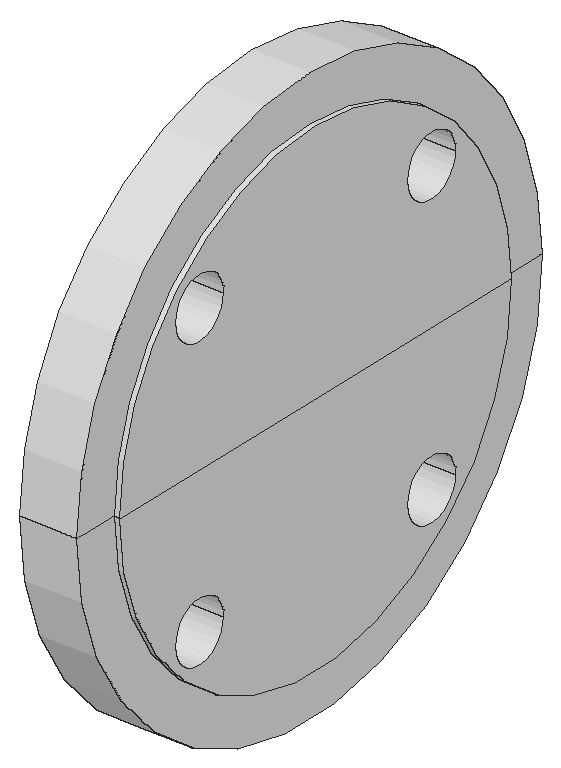
Revit family "Redi_Фитинг_Фланец глухой", category Соединительные детали трубопроводов, Revit 2019
Family settings
  Размер круглого соединителя = Использовать диаметр
  Тип детали = Фланец
  На основе рабочей плоскости = Нет
  Всегда вертикально = Да
  При загрузке вырезать с полостями = Нет
  Общий = Да
Parameters
  Поиск в таблице имен = "Redi_Фитинг_Фланец глухой"  # constant formula
  s [instance] = size_lookup(Поиск в таблице имен, "s", 28 mm, d)  # 28 mm
  d [instance] = 160 mm
  I [instance] = size_lookup(Поиск в таблице имен, "I", 240 mm, d)  # 240 mm
  E *2/3 [instance] = E / 4  # 71.25 mm
  E [instance] = size_lookup(Поиск в таблице имен, "E", 285 mm, d)  # 285 mm
  ADSK_Наименование [instance] = size_lookup(Поиск в таблице имен, "ADSK_Наименование", "Нет в каталоге", d)  # "Фланец глухой, DN160"
  ADSK_Масса_Текст [instance] = size_lookup(Поиск в таблице имен, "ADSK_Масса_Текст", "Нет в каталоге", d)  # "1.62"
  ADSK_Масса [instance] = 0
  ADSK_Марка = ""
  ADSK_Код изделия [instance] = size_lookup(Поиск в таблице имен, "ADSK_Код изделия", "Нет в каталоге", d)  # "RVOFCI940"
  ADSK_Завод-изготовитель = "Redi"  # constant formula
  ADSK_Единица измерения = "шт."  # constant formula
Reference planes
  plane 1 "По центру (Вперед/Назад)": y = 0
  plane 2: z = 0
  plane 3 "По центру (Влево/Вправо)": x = 0
  plane 4: x = -14
  plane 5: x = 14
  plane 6: y = 142.5
  plane 7: y = -142.5
  plane 8: y = -120
  plane 9: y = 120
  plane 10: x = 17
Forms (mm)
  Revolve 1, solid, material "05 Пластик ПВХ Белый"
    sketch origin (0, 0, 0) x (1, 0, 0) y (0, 1, 0)
      loop
        line (-14, 0) -> (-14, -142.5) -> (14, -142.5) -> (14, -120) -> (17, -120) -> (17, 0) -> (-14, 0)
      axis (17, 0) -> (-14, 0)
    angle from 0 to 360
  Extrusion 2, void
    sketch origin (0, 0, 0) x (0, 1, 0) y (0, 0, 1)
      loop
        circle (71.25, 71.25) r 15
      loop
        circle (-71.25, 71.25) r 15
      loop
        circle (71.25, -71.25) r 15
      loop
        circle (-71.25, -71.25) r 15
    from -14 to 17
Cuts and joins
  Extrusion 2 cuts Revolve 1
Dimensions and locks
  equal spacing: plane 4, plane 3 "По центру (Влево/Вправо)", plane 5
  "s": plane 4 to plane 5
  equal spacing: plane 9, plane 1 "По центру (Вперед/Назад)", plane 8
  "I": plane 9 to plane 8
  equal spacing: plane 6, plane 1 "По центру (Вперед/Назад)", plane 7
  "E": plane 6 to plane 7
  locked: plane 5 to plane 10 at 3
  "E *2/3": Extrusion 2 sketch curve to level  (x2)
  "E *2/3": Extrusion 2 sketch curve to plane 1 "По центру (Вперед/Назад)"  (x2)
  "E *2/3": level to Extrusion 2 sketch curve  (x2)
  "E *2/3": plane 1 "По центру (Вперед/Назад)" to Extrusion 2 sketch curve  (x2)
  aligned and locked: level to plane 2
  aligned and locked: plane 1 "По центру (Вперед/Назад)" to Revolve 1 sketch curve
  aligned and locked: plane 4 to Revolve 1 sketch curve
  aligned and locked: plane 7 to Revolve 1 sketch curve
  aligned and locked: plane 5 to Revolve 1 sketch curve
  aligned and locked: Revolve 1 sketch curve to plane 8
  aligned and locked: Revolve 1 sketch curve to plane 10
  aligned and locked: Extrusion 2 to plane 4
  aligned and locked: Extrusion 2 to plane 10
Automatic sketch dimensions
  Revolve 1 sketch curve to plane 1 "По центру (Вперед/Назад)" = 0 mm
  Revolve 1 sketch curve to plane 4 = 1916.011 mm
  Revolve 1 sketch curve to plane 10 = 1913.011 mm
  radius of Extrusion 2 sketch curve = 15 mm  (x4)
Connectors
  piping at (17, 0, 0), diameter 160, driven by "d"
    settings: on cut or joined group of Revolve 1, Extrusion 2, index 1, connector inside diameter 609.6 mm, connector length 0 mm, flow factor 0, pipe flow 0.0 L/s, pressure drop 0.0 Pa, fitting loss kfactor 0, connector angle 0.00°, fixture units 0, engagement length 0 mm, angle of deflection 0.00°, flow configuration 0, flow direction 0, fitting loss method 0, system type 28, joint type 0, gender type 0, connector reference index -1, connector utility 0, adjustable connector no, is connector primary yes, connector description ""
